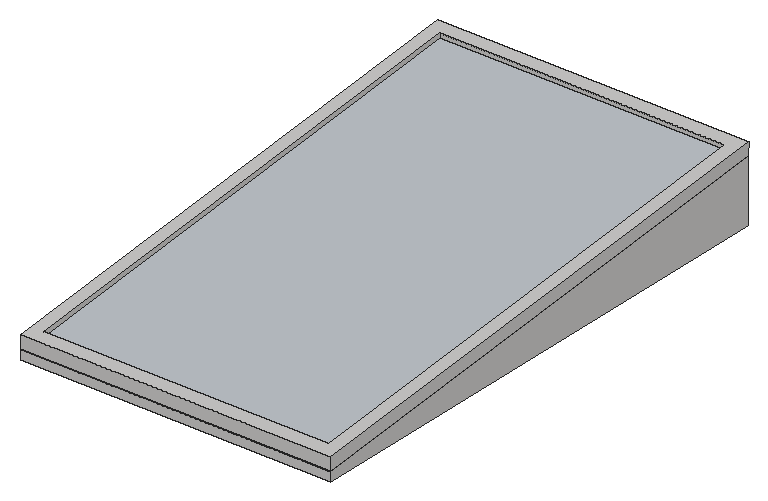
Revit family "Mirror-Tilt-Bobrick-B-293_Series", category Specialty Equipment, host Face, Revit 2014
Parameters (values of type "B-293 1830")
  Width = 18"
  Warranty Information = "15 Year Limited Warranty"
  URL = "http://bobrick.com/"
  Type Comments = "Other sizes up to 40\" x 40\" (101 x 122cm) or 48\" x 36\" (122 x 91cm) are available on special order; minimum size available, 16\" x 24\" (41 x 61cm)."
  Specification = "Tilt mirror assembly shall consist of a mirror and a separate wall frame with built-in wall hanger. Wall frame furnished with tumbler lock for securing mirror to wall frame. Tilt mirror frame shall be type 304 stainless steel with beveled front to hold frame tightly against mirror; corners shall be welded, ground, and polished smooth. Wall frame shall be type 304 stainless steel designed with horizontal locking bars to secure mirror to wall frame. All exposed surfaces shall have satin finish with vertical grain. Select float glass mirror shall be guaranteed for 15 years against silver spoilage. All edges shall be protected by plastic filler strips. Back shall be protected by full-size, shock-absorbing, waterresistant, nonabrasive, 1/8\" (3mm) thick polystyrene padding."
  Product Page URL = "http://bobrick.com/washroomaccessories/Pages/ProductDetails.aspx?Product+Number=B-293+1830"
  Product Documentation Link = "http://bobrick.com/Documents/B-293_td.pdf"
  Price = "Prices may vary. Please consult Manufacturer Representative for most up-to-date price list."  # constant formula
  Model = "B-293 1830"
  Material = "Stainless Steel-Bobrick-Type 304-Satin"
  Manufacturer = "Bobrick Washroom Equipment, Inc."
  Length = 4 3/8"
  Installation Type = "Wall Mounted"
  Height = 30 3/16"
  Description = "Tilt Mirror with Stainless Steel Frame"
  Default Elevation = 69 1/2"
  Creation Date = "08/29/2017"
  Assembly Code = "E2010"
  ADA Compliant = yes
Types (4): name | Width | Product Page URL | Model | Height
  (no name) | 18" | "http://bobrick.com/washroomaccessories/Pages/ProductDetails.aspx?Product+Number=B-293+1830" | "B-293 1830" | 30 3/16"
  B-293 1830 | 18" | "http://bobrick.com/washroomaccessories/Pages/ProductDetails.aspx?Product+Number=B-293+1830" | "B-293 1830" | 30 3/16"
  B-293 1836 | 18" | "http://bobrick.com/washroomaccessories/Pages/ProductDetails.aspx?Product+Number%3dB-293+1836" | "B-293 1836" | 36 3/16"
  B-293 2436 | 24" | "http://bobrick.com/washroomaccessories/Pages/ProductDetails.aspx?Product+Number%3dB-293+2436" | "B-293 2436" | 36 3/16"
Reference planes (in)
  plane 1 "Center (Front/Back)": y = 0
  plane 2: z = 0
  plane 3 "Center (Left/Right)": x = 0
  plane 4: y = 30.1875
  plane 5: x = 9
  plane 6: x = -9
  plane 7: z = 4.375
  plane 8: z = 1.3125
  plane 9: x = -8.25
  plane 10: y = 0.75
  plane 11: x = 8.25
  plane 12: y = 29.4375
  plane 13: z = 2.1875
  plane 14: y = 30.4375
  plane 15: y = 28.4375
  plane 16: x = -8.125
  plane 17: x = -6.625
  plane 18: x = 6.625
  plane 19: x = 8.125
  plane 20: y = 1.75
  plane 21: y = 1.5
  plane 22: y = 11.84375
  plane 23: y = 22.1875
Forms (in)
  Extrusion 1, solid, material "Stainless Steel-Bobrick-Type 304-Satin"
    sketch origin (0, 0, 0) x (0, 1, 0) y (0, 0, 1)
      loop
        line (30.1875, 4.375) -> (0, 1.3125) -> (0, 0) -> (30.1875, 0) -> (30.1875, 4.375)
    from -9 to 9
  Extrusion 2, void
    sketch origin (0, 0, 0) x (0, 1, 0) y (0, 0, 1)
      loop
        line (29.4375, 4.55814) -> (0.75, 1.64781) -> (0.75, 1.1373) -> (29.4375, 4.04763) -> (29.4375, 4.55814)
    from -8.25 to 8.25
  Extrusion 3, void
    sketch origin (0, 0, 0) x (0, 1, 0) y (0, 0, 1)
      loop
        line (30.1875, 3.625) -> (0, 0.5625) -> (0, 0.53109) -> (30.1875, 3.59359) -> (30.1875, 3.625)
    from -9 to 9
  Revolve 4, solid, material "Stainless Steel-Bobrick-Type 304-Satin"
    sketch origin (0, 26.12393, 1.22064) x (0, 0, -1) y (0, 1, 0)
      loop
        line (-0.96686, 4.06357) -> (-0.54575, 4.06357)
        arc (-0.54575, 4.06357) -> (-0.51978, 4.07531) -> (-0.51143, 4.10256) r 0.0346
        arc (-0.51143, 4.10256) -> (-0.55897, 4.21841) -> (-0.6581, 4.29491) r 0.24165
        line (-0.6581, 4.29491) -> (-0.68686, 4.31357) -> (-0.96686, 4.31357) -> (-0.96686, 4.06357)
      axis (-0.96686, 4.06357) -> (-0.96686, 4.31357)
    angle from 0 to 360
  Extrusion 5, void
    sketch origin (-26.9995, 25.72014, 1.29296) x (1, 0, 0) y (0, 0, -1)
      loop
        line (27.0405, -0.69954) -> (26.9585, -0.69954) -> (26.9585, -0.81895)
        arc (26.9585, -0.81895) -> (26.87275, -0.93797) -> (26.9585, -1.05699) r 0.12547
        line (26.9585, -1.05699) -> (26.9585, -1.08954) -> (27.0405, -1.08954) -> (27.0405, -1.0561)
        arc (27.0405, -1.0561) -> (27.12369, -0.93797) -> (27.0405, -0.81984) r 0.12547
        line (27.0405, -0.81984) -> (27.0405, -0.69954)
      loop
        line (26.98388, -0.73079) -> (26.98388, -1.05829) -> (27.01512, -1.05829) -> (27.01512, -0.73079) -> (26.98388, -0.73079)
    from 4.6987 to 4.71736
Cuts and joins
  Extrusion 2, Extrusion 3 cuts Extrusion 1
  Extrusion 5 cuts Revolve 4
  joined: Extrusion 1, Revolve 4
Lines and regions (in)
  model lines
    curve 1: arc (-5.875, 28.4375, 0) -> (-5.92992, 28.30492, 0) -> (-6.0625, 28.25, 0) r 0.1875
    curve 2: circle (8.125, 22.1875, 0) r 0.09375 normal (0, 0, 1)
    curve 3: circle (8.125, 11.84375, 0) r 0.09375 normal (0, 0, 1)
    curve 4: circle (8.125, 1.5, 0) r 0.09375 normal (0, 0, 1)
    curve 5: line (-7.375, 28.625, 0) -> (-5.875, 28.625, 0)
    curve 6: line (-5.875, 28.625, 0) -> (-5.875, 28.4375, 0)
    curve 7: line (-7.375, 28.625, 0) -> (-7.375, 28.4375, 0)
    curve 8: line (-7.1875, 28.25, 0) -> (-6.0625, 28.25, 0)
    curve 9: arc (-7.375, 28.4375, 0) -> (-7.32008, 28.30492, 0) -> (-7.1875, 28.25, 0) r 0.1875
    curve 10: arc (5.875, 28.4375, 0) -> (5.92992, 28.30492, 0) -> (6.0625, 28.25, 0) r 0.1875
    curve 11: line (7.375, 28.625, 0) -> (5.875, 28.625, 0)
    curve 12: line (5.875, 28.625, 0) -> (5.875, 28.4375, 0)
    curve 13: line (7.375, 28.625, 0) -> (7.375, 28.4375, 0)
    curve 14: line (7.1875, 28.25, 0) -> (6.0625, 28.25, 0)
    curve 15: arc (7.375, 28.4375, 0) -> (7.32008, 28.30492, 0) -> (7.1875, 28.25, 0) r 0.1875
    curve 16: arc (-5.875, 1.75, 0) -> (-5.92992, 1.61742, 0) -> (-6.0625, 1.5625, 0) r 0.1875
    curve 17: line (-7.375, 1.9375, 0) -> (-5.875, 1.9375, 0)
    curve 18: line (-5.875, 1.9375, 0) -> (-5.875, 1.75, 0)
    curve 19: line (-7.375, 1.9375, 0) -> (-7.375, 1.75, 0)
    curve 20: line (-7.1875, 1.5625, 0) -> (-6.0625, 1.5625, 0)
    curve 21: arc (-7.375, 1.75, 0) -> (-7.32008, 1.61742, 0) -> (-7.1875, 1.5625, 0) r 0.1875
    curve 22: arc (5.875, 1.75, 0) -> (5.92992, 1.61742, 0) -> (6.0625, 1.5625, 0) r 0.1875
    curve 23: line (7.375, 1.9375, 0) -> (5.875, 1.9375, 0)
    curve 24: line (5.875, 1.9375, 0) -> (5.875, 1.75, 0)
    curve 25: line (7.375, 1.9375, 0) -> (7.375, 1.75, 0)
    curve 26: line (7.1875, 1.5625, 0) -> (6.0625, 1.5625, 0)
    curve 27: arc (7.375, 1.75, 0) -> (7.32008, 1.61742, 0) -> (7.1875, 1.5625, 0) r 0.1875
    curve 28: circle (-8.125, 22.1875, 0) r 0.09375 normal (0, 0, -1)
    curve 29: circle (-8.125, 11.84375, 0) r 0.09375 normal (0, 0, -1)
    curve 30: circle (-8.125, 1.5, 0) r 0.09375 normal (0, 0, -1)
Dimensions and locks (in)
  "Height": plane 1 "Center (Front/Back)" to plane 4
  "Width": plane 6 to plane 5
  equal spacing: plane 6, plane 3 "Center (Left/Right)", plane 5
  locked: host face to plane 8 at 1.3125
  "Length": host face to plane 7
  locked: plane 12 to plane 4 at 0.75
  locked: plane 6 to plane 9 at 0.75
  locked: plane 11 to plane 5 at 0.75
  locked: plane 10 to plane 1 "Center (Front/Back)" at 0.75
  locked: host face to plane 13 at 2.1875
  locked: plane 14 to plane 4 at 0.25
  plane 6 to plane 16 = 7/8"
  plane 6 to plane 17 = 2 3/8"
  locked: plane 18 to plane 5 at 2.375
  locked: plane 1 "Center (Front/Back)" to plane 20 at 1.75
  locked: plane 15 to plane 4 at 1.75
  locked: plane 19 to plane 5 at 0.875
  locked: plane 1 "Center (Front/Back)" to plane 21 at 1.5
  locked: plane 23 to plane 4 at 8
  equal spacing: plane 21, plane 22, plane 23
  locked: Extrusion 3 sketch curve to plane 7 at 0.75
  locked: Extrusion 3 sketch curve to plane 8 at 0.75
  aligned and locked: plane 2 to host face
  aligned and locked: level to host face
  aligned and locked: Extrusion 1 sketch curve to plane 4
  aligned and locked: plane 7 to Extrusion 1 sketch curve
  aligned and locked: plane 8 to Extrusion 1 sketch curve
  aligned and locked: plane 1 "Center (Front/Back)" to Extrusion 1 sketch curve
  aligned and locked: Extrusion 1 sketch curve to host face
  aligned and locked: Extrusion 1 to plane 6
  aligned and locked: plane 5 to Extrusion 1
  aligned and locked: Extrusion 2 sketch curve to plane 12
  aligned and locked: Extrusion 2 sketch curve to plane 10
  aligned and locked: Extrusion 2 to plane 9
  aligned and locked: Extrusion 2 to plane 11
  aligned and locked: Extrusion 3 to plane 6
  aligned and locked: plane 5 to Extrusion 3
  aligned and locked: plane 13 to Revolve 4 sketch curve
  aligned and locked: Extrusion 5 to cut or joined group of Extrusion 1, Extrusion 2, Extrusion 3, Revolve 4, Extrusion 5  (x2)
  aligned and locked: Revolve 4 sketch curve to plane 14
  aligned and locked: cut or joined group of Extrusion 1, Extrusion 2, Extrusion 3, Revolve 4, Extrusion 5 to Revolve 4 sketch curve
  aligned and locked: Extrusion 5 to plane 14
  aligned and locked: plane 23 to curve 2
  aligned and locked: plane 19 to curve 2
  aligned and locked: plane 22 to curve 3
  aligned and locked: plane 19 to curve 3
  aligned and locked: plane 21 to curve 4
  aligned and locked: plane 19 to curve 4
  aligned and locked: plane 16 to curve 28
  aligned and locked: plane 23 to curve 28
  aligned and locked: plane 22 to curve 29
  aligned and locked: plane 16 to curve 29
  aligned and locked: plane 21 to curve 30
  aligned and locked: plane 16 to curve 30
  aligned and locked: Extrusion 3 to Extrusion 1  (x2)
  aligned and locked: cut or joined group of Extrusion 1, Extrusion 2, Extrusion 3, Revolve 4, Extrusion 5 to cut or joined group of Extrusion 1, Extrusion 2, Extrusion 3, Revolve 4, Extrusion 5
  aligned and locked: plane 1 "Center (Front/Back)" to Extrusion 3 sketch curve
  aligned and locked: cut or joined group of Extrusion 1, Extrusion 2, Extrusion 3, Revolve 4, Extrusion 5 to Extrusion 3 sketch curve
Automatic sketch dimensions
  host sketch curve to host sketch curve = 96"  (x2)
  plane 8 to Extrusion 2 sketch curve = 0.1752"
  Extrusion 2 sketch curve to plane 8 = 0.33531"
  plane 7 to Extrusion 2 sketch curve = 0.32737"
  Extrusion 2 sketch curve to plane 7 = 0.18314"
  Extrusion 3 sketch curve to Extrusion 3 sketch curve = 0.03141"  (x2)
  Extrusion 5 sketch curve to Extrusion 5 sketch curve = 0"  (x3)
  Extrusion 5 sketch curve to plane 3 "Center (Left/Right)" = 0.041"
  Extrusion 5 sketch curve to Extrusion 5 sketch curve = 0.02538"  (x2)
  Extrusion 5 sketch curve to Extrusion 5 sketch curve = 0.01434"
  Extrusion 5 sketch curve to Extrusion 5 sketch curve = 1/32"  (x3)
  Extrusion 5 sketch curve to Extrusion 5 sketch curve = 0.082"
  Extrusion 5 sketch curve to plane 8 = 1.07"
  Extrusion 5 sketch curve to Extrusion 5 sketch curve = 0.0013"
  Extrusion 5 sketch curve to Extrusion 5 sketch curve = 0.00218"
  Extrusion 5 sketch curve to Extrusion 5 sketch curve = 0.12031"
  Extrusion 5 sketch curve to Extrusion 5 sketch curve = 0.08817"
  plane 20 to curve 19 = 0"
  plane 15 to curve 9 = 0"
  plane 20 to curve 16 = 0"
  plane 15 to curve 1 = 0"
  plane 15 to curve 12 = 0"
  plane 20 to curve 24 = 0"
  plane 15 to curve 15 = 0"
  plane 20 to curve 27 = 0"
  curve 19 to plane 20 = 3/16"
  curve 19 to plane 17 = 3/4"
  curve 5 to plane 15 = 3/16"
  curve 5 to plane 17 = 3/4"
  plane 15 to curve 8 = 3/16"
  curve 19 to curve 21 = 3/16"
  plane 17 to curve 20 = 9/16"
  plane 17 to curve 8 = 9/16"
  curve 11 to plane 15 = 3/16"
  plane 18 to curve 11 = 3/4"
  plane 18 to curve 24 = 3/4"
  curve 10 to curve 10 = 3/16"
  curve 26 to plane 21 = 1/16"
  curve 15 to plane 18 = 9/16"
  curve 27 to plane 18 = 9/16"
  curve 25 to curve 25 = 3/16"
  plane 13 to Revolve 4 sketch curve = 0"
  Revolve 4 sketch curve to plane 14 = 0"
  Revolve 4 sketch curve to plane 4 = 0.00831"
  plane 13 to Revolve 4 sketch curve = 0.21574"
  Revolve 4 sketch curve to Revolve 4 sketch curve = 0.06426"
  plane 14 to Revolve 4 sketch curve = 0.01867"
  Revolve 4 sketch curve to Revolve 4 sketch curve = 0.02875"
  Revolve 4 sketch curve to plane 4 = 0.0346"
  Revolve 4 sketch curve to Revolve 4 sketch curve = 0.20537"
  Revolve 4 sketch curve to plane 14 = 0.11448"
  radius of curve 2 = 3/32"
  radius of curve 3 = 3/32"
  radius of curve 4 = 3/32"
  radius of curve 28 = 3/32"
  radius of curve 29 = 3/32"
  radius of curve 30 = 3/32"
